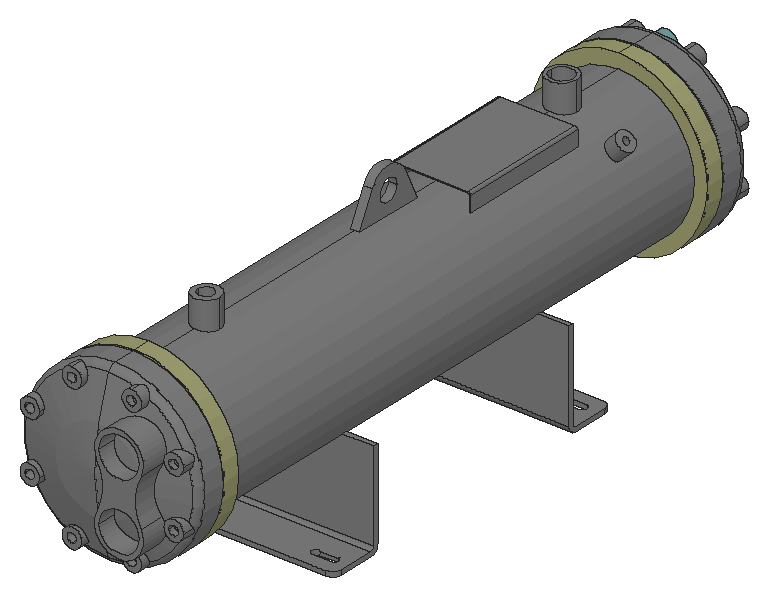
Revit family "MIT-BCM_65_4P", category Specialty Equipment, Revit 2022
Family settings
  Round Connector Dimension = Use Radius
  Part Type = Normal
  Work Plane-Based = No
  Always vertical = Yes
  Cut with Voids When Loaded = No
  Maintain Annotation Orientation = No
  Shared = No
  Room Calculation Point = No
Parameters
  URL = "https://en.ekinendustriyel.com/evaporators-and-condensers"
  Test Pressure = 64.35 bar
  Production Standard = "TS EN 13831"
  Operating Pressure = 45.0 bar
  Model = "MIT-BCM 65_4P"
  Manufacturer = "Ekin Endüstriyel"
  Keynote = "Condensers"
  Description = "MIT- Condensers"
  Default Elevation = 0 mm
Reference planes
  plane 1 "Center (Front/Back)": y = 0
  plane 2: z = 0
  plane 3 "Center (Left/Right)": x = 0
Forms (mm)
  Extrusion 1, solid, material "Ekin Endustriyel-S235JR"
    sketch origin (0, 0, 0) x (1, 0, 0) y (0, 0, 1)
      loop
        circle (0, 164.15) r 84.15
    from -329.666 to 330.334
  Extrusion 2, solid, material "Ekin Endustriyel-S235JR", detail levels fine
    sketch origin (0, 0, 0) x (1, 0, 0) y (0, 0, 1)
      loop
        line (-45, 235.88) -> (-44, 235.88) -> (-44, 252.88)
        arc (-44, 252.88) -> (-43.414, 254.294) -> (-42, 254.88) r 2
        line (-42, 254.88) -> (42, 254.88)
        arc (42, 254.88) -> (43.414, 254.294) -> (44, 252.88) r 2
        line (44, 252.88) -> (44, 235.88) -> (45, 235.88) -> (45, 252.88)
        arc (45, 252.88) -> (44.121, 255.002) -> (42, 255.88) r 3
        line (42, 255.88) -> (-42, 255.88)
        arc (-42, 255.88) -> (-44.121, 255.002) -> (-45, 252.88) r 3
        line (-45, 252.88) -> (-45, 235.88)
    from -215.033 to -65.033
  Extrusion 3, solid, material "Ekin Endustriyel-S235JR", detail levels fine
    sketch origin (0, 0, 0) x (0, 1, 0) y (0, 0, 1)
      loop
        line (-40.334, 248.151) -> (39.666, 248.151) -> (22.137, 284.106)
        arc (22.137, 284.106) -> (-0.334, 298.151) -> (-22.806, 284.106) r 25
        line (-22.806, 284.106) -> (-40.334, 248.151)
      loop
        circle (-0.334, 273.151) r 12.5
    from -5 to 5
  Extrusion 4, solid, material "Ekin Endustriyel-S235JR", detail levels fine
    sketch origin (0, 0, 0) x (1, 0, 0) y (0, 1, 0)
      loop
        circle (0, 249.666) r 16.75
      loop
        circle (0, 249.666) r 13
    from 278.3 to 204.31
  Extrusion 5, solid, material "Ekin Endustriyel-S235JR", detail levels fine
    sketch origin (0, 0, 0) x (1, 0, 0) y (0, 1, 0)
      loop
        circle (0, -250.334) r 15.25
      loop
        circle (0, -250.334) r 8.928
    from 278.3 to 211.07
  Extrusion 6, solid, material "Ekin Endustriyel-S235JR", detail levels fine
    sketch origin (71.72, 249.666, 235.87) x (0, 1, 0) y (-0.707107, 0, 0.707107)
      loop
        circle (0, 0) r 11
      loop
        circle (0, 0) r 4.216
    from 0 to -32.02
  Extrusion 7, solid, material "Ekin Endustriyel-S235JR", detail levels fine
    sketch origin (0, 0, 0) x (1, 0, 0) y (0, 1, 0)
      loop
        circle (0, -250.334) r 13.75
      loop
        circle (0, -250.334) r 10.25
    from 51.131 to 169.15
  Extrusion 8, solid, material "Ekin Endustriyel-AISI316L", detail levels medium+fine
    sketch origin (0, 0, 0) x (1, 0, 0) y (0, 0, 1)
      loop
        circle (0, 164.15) r 100
    from 330.334 to 350.334
  Extrusion 9, solid, material "Ekin Endustriyel-AISI316L", detail levels medium+fine
    sketch origin (0, 630, 0) x (1, 0, 0) y (0, 0, 1)
      loop
        circle (0, 164.15) r 100
    from 280.334 to 300.334
  Revolve 10, solid, material "Ekin Endustriyel-S235JR", detail levels medium+fine
    sketch origin (0, 0, 0) x (0, 1, 0) y (0, 0, 1)
      loop
        line (-352.334, 264.15) -> (-377.299, 264.15)
        arc (-377.299, 264.15) -> (-382.802, 262.5) -> (-386.489, 258.094) r 10
        arc (-386.489, 258.094) -> (-401.262, 212.101) -> (-407.122, 164.15) r 255.705
        line (-407.122, 164.15) -> (-352.334, 164.15) -> (-352.334, 264.15)
      axis (-352.334, 164.15) -> (-407.122, 164.15)
    angle from 0 to 360
  Revolve 11, solid, material "Ekin Endustriyel-S235JR", detail levels medium+fine
    sketch origin (0, -0.669, 0) x (0, -1, 0) y (0, 0, -1)
      loop
        line (-352.334, -264.15) -> (-352.334, -164.15) -> (-407.122, -164.15)
        arc (-407.122, -164.15) -> (-401.262, -212.101) -> (-386.489, -258.094) r 255.705
        arc (-386.489, -258.094) -> (-382.802, -262.5) -> (-377.299, -264.15) r 10
        line (-377.299, -264.15) -> (-352.334, -264.15)
      axis (-352.334, -164.15) -> (-407.122, -164.15)
    angle from 0 to 360
  Extrusion 12, solid, material "Ekin Endustriyel-S235JR", detail levels coarse
    sketch origin (0, 0, 0) x (1, 0, 0) y (0, 0, 1)
      loop
        circle (0, 164.159) r 99.991
    from -406.666 to 422.288
  Extrusion 13, solid, material "Ekin Endustriyel-S235JR"
    sketch origin (0, 0, 0) x (0, 1, 0) y (0, 0, 1)
      loop
        arc (134.666, 9) -> (137.302, 2.636) -> (143.666, 0) r 9
        line (143.666, 0) -> (194.666, 0) -> (194.666, 5) -> (143.666, 5)
        arc (143.666, 5) -> (140.837, 6.172) -> (139.666, 9) r 4
        line (139.666, 9) -> (139.666, 110) -> (134.666, 110) -> (134.666, 9)
    from -100 to 100
  Extrusion 14, void
    sketch origin (0, 194.666, 5) x (0, -1, 0) y (1, 0, 0)
      loop
        line (25.25, 63.5) -> (25.25, 83.5)
        arc (25.25, 83.5) -> (20, 88.75) -> (14.75, 83.5) r 5.25
        line (14.75, 83.5) -> (14.75, 63.5)
        arc (14.75, 63.5) -> (20, 58.25) -> (25.25, 63.5) r 5.25
      loop
        line (10, 100) -> (-10, 100) -> (-10, -100) -> (10, -100)
        arc (10, -100) -> (2.929, -97.071) -> (0, -90) r 10
        line (0, -90) -> (0, 90)
        arc (0, 90) -> (2.929, 97.071) -> (10, 100) r 10
      loop
        arc (14.75, -83.5) -> (20, -88.75) -> (25.25, -83.5) r 5.25
        line (25.25, -83.5) -> (25.25, -63.5)
        arc (25.25, -63.5) -> (20, -58.25) -> (14.75, -63.5) r 5.25
        line (14.75, -63.5) -> (14.75, -83.5)
    from -5 to 0
  Extrusion 15, solid, material "Ekin Endustriyel-S235JR"
    sketch origin (0, 0, 0) x (0, -1, 0) y (0, 0, -1)
      loop
        line (134.666, -9) -> (134.666, -110) -> (139.666, -110) -> (139.666, -9)
        arc (139.666, -9) -> (140.837, -6.172) -> (143.666, -5) r 4
        line (143.666, -5) -> (194.666, -5) -> (194.666, 0) -> (143.666, 0)
        arc (143.666, 0) -> (137.302, -2.636) -> (134.666, -9) r 9
    from -100 to 100
  Extrusion 16, void
    sketch origin (0, -194.666, 5) x (0, 1, 0) y (-1, 0, 0)
      loop
        arc (25.25, -63.5) -> (20, -58.25) -> (14.75, -63.5) r 5.25
        line (14.75, -63.5) -> (14.75, -83.5)
        arc (14.75, -83.5) -> (20, -88.75) -> (25.25, -83.5) r 5.25
        line (25.25, -83.5) -> (25.25, -63.5)
      loop
        arc (10, -100) -> (2.929, -97.071) -> (0, -90) r 10
        line (0, -90) -> (0, 90)
        arc (0, 90) -> (2.929, 97.071) -> (10, 100) r 10
        line (10, 100) -> (-10, 100) -> (-10, -100) -> (10, -100)
      loop
        line (14.75, 83.5) -> (14.75, 63.5)
        arc (14.75, 63.5) -> (20, 58.25) -> (25.25, 63.5) r 5.25
        line (25.25, 63.5) -> (25.25, 83.5)
        arc (25.25, 83.5) -> (20, 88.75) -> (14.75, 83.5) r 5.25
    from -5 to 0
  Extrusion 17, solid, material "Ekin Endustriyel-S235JR", detail levels medium+fine
    sketch origin (0, 0, 0) x (1, 0, 0) y (0, 0, 1)
      loop
        circle (39.989, 201.858) r 22.531
      loop
        circle (39.989, 126.459) r 22.531
      loop
        arc (65.111, 190.594) -> (39.989, 229.389) -> (14.868, 190.594) r 27.531
        arc (14.868, 190.594) -> (21.175, 165.045) -> (15.645, 139.317) r 58.499
        arc (15.645, 139.317) -> (39.103, 98.942) -> (65.111, 137.723) r 27.531
        arc (65.111, 137.723) -> (58.797, 164.159) -> (65.111, 190.594) r 58.499
    from 390.526 to 422.288
  Extrusion 18, solid, material "Ekin Endustriyel-S235JR", detail levels medium+fine
    sketch origin (0, 0, 0) x (1, 0, 0) y (0, 0, 1)
      loop
        circle (-80.837, 197.64) r 11
      loop
        circle (-80.837, 197.64) r 5.497
      loop
        circle (-80.837, 130.66) r 11
      loop
        circle (-80.837, 130.66) r 5.497
      loop
        circle (80.837, 197.64) r 11
      loop
        circle (80.837, 197.64) r 5.497
      loop
        circle (80.837, 130.66) r 11
      loop
        circle (80.837, 130.66) r 5.497
      loop
        circle (33.49, 244.987) r 11
      loop
        circle (33.49, 244.987) r 5.497
      loop
        circle (-33.49, 244.987) r 11
      loop
        circle (-33.49, 244.987) r 5.497
      loop
        circle (33.49, 83.313) r 11
      loop
        circle (33.49, 83.313) r 5.497
      loop
        circle (-33.49, 83.313) r 11
      loop
        circle (-33.49, 83.313) r 5.497
      loop
        circle (0, 81.651) r 12.497
      loop
        circle (0, 81.651) r 5.497
    from -396.666 to -367.889
  Extrusion 19, solid, material "Ekin Endustriyel-S235JR", detail levels medium+fine
    sketch origin (0, 0, 0) x (1, 0, 0) y (0, 0, -1)
      loop
        circle (-80.837, -197.64) r 11
      loop
        circle (-80.837, -197.64) r 5.497
      loop
        circle (-80.837, -130.66) r 11
      loop
        circle (-80.837, -130.66) r 5.497
      loop
        circle (80.837, -197.64) r 11
      loop
        circle (80.837, -197.64) r 5.497
      loop
        circle (80.837, -130.66) r 11
      loop
        circle (80.837, -130.66) r 5.497
      loop
        circle (33.49, -244.987) r 11
      loop
        circle (33.49, -244.987) r 5.497
      loop
        circle (-33.49, -244.987) r 11
      loop
        circle (-33.49, -244.987) r 5.497
      loop
        circle (33.49, -83.313) r 11
      loop
        circle (33.49, -83.313) r 5.497
      loop
        circle (-33.49, -83.313) r 11
      loop
        circle (-33.49, -83.313) r 5.497
    from -396.666 to -367.889
  Extrusion 20, solid, material "Ekin Endustriyel-S235JR", detail levels medium+fine
    sketch origin (0, 0, 0) x (1, 0, 0) y (0, 0, 1)
      loop
        circle (-35.355, 199.505) r 22
      loop
        circle (35.355, 128.795) r 22
    from -406.666 to -351.666
  Extrusion 21, solid, material "Ekin Endustriyel-Zinc", detail levels medium+fine
    sketch origin (0, 0, 0) x (1, 0, 0) y (0, 0, 1)
      loop
        circle (0, 246.649) r 12.497
      loop
        circle (0, 246.649) r 5.497
    from -396.666 to -367.889
Cuts and joins
  Extrusion 14, Extrusion 16 cuts Extrusion 13
  Extrusion 16 cuts Extrusion 15
  joined: Extrusion 1, Extrusion 13, Extrusion 15
Dimensions and locks
  aligned and locked: level to plane 2
Connectors
  piping at (39.989, -422.288, 201.858), diameter 38.2
    settings: on Extrusion 17, index 1, connector inside diameter 609.6 mm, connector length 0 mm, flow factor 0, pipe flow 0.0 L/s, pressure drop 0.0 Pa, fitting loss kfactor 0, connector angle 0.00°, fixture units 0, engagement length 0 mm, angle of deflection 0.00°, flow configuration 0, flow direction 1, fitting loss method 0, system type 7, joint type 0, gender type 0, connector reference index -1, connector utility 0, adjustable connector no, is connector primary yes, connector description ""
  piping at (39.989, -422.288, 126.459), diameter 38.2
    settings: on Extrusion 17, index 2, connector inside diameter 609.6 mm, connector length 0 mm, flow factor 0, pipe flow 0.0 L/s, pressure drop 0.0 Pa, fitting loss kfactor 0, connector angle 0.00°, fixture units 0, engagement length 0 mm, angle of deflection 0.00°, flow configuration 0, flow direction 2, fitting loss method 0, system type 7, joint type 0, gender type 0, connector reference index -1, connector utility 0, adjustable connector no, is connector primary no, connector description ""
  hvac at (0, 249.666, 278.3)
    settings: on Extrusion 4, index 3, duct flow 0.0 L/s, flow factor 0, pres drop 0.0 bar, loss coef 0, conn angle 0.00°, conn width 304.8 mm, conn height 304.8 mm, conn diameter 28 mm, duct sys type 3, conn prof type 0, flow config 0, flow direction 0, loss method 0, conn ref index -1, conn util no, is conn primary yes, conn desc ""
  hvac at (0, -250.334, 51.131)
    settings: on Extrusion 7, index 4, duct flow 0.0 L/s, flow factor 0, pres drop 0.0 bar, loss coef 0, conn angle 0.00°, conn width 304.8 mm, conn height 304.8 mm, conn diameter 22 mm, duct sys type 3, conn prof type 0, flow config 0, flow direction 0, loss method 0, conn ref index -1, conn util no, is conn primary no, conn desc ""
